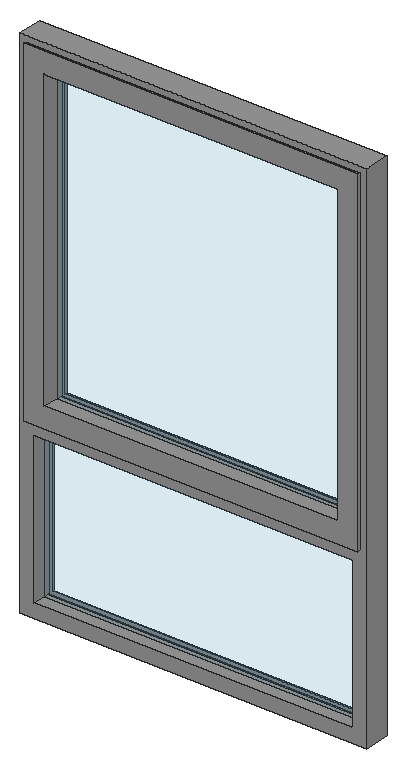
Revit family "Kawneer_Window_GT70s_Pos002", category Windows, host Wall, Revit 2020 (continued)
Definition of nested family "Kawneer_GT70s_Pos002"
  Definition of nested family "Kawneer_GT70s_Trans"
    Lines and regions (mm)
      model lines, in view "Ref. Level", detail levels fine
        curve 284: arc (18.794, 42.645, 0) -> (18.275, 42.114, 0) -> (17.566, 41.897, 0) r 1.5
        curve 285: arc (19.259, 43.45, 0) -> (19.625, 43.816, 0) -> (20.125, 43.95, 0) r 1
        curve 286: arc (78.5, 30, 0) -> (78.441, 29.859, 0) -> (78.3, 29.8, 0) r 0.2
        curve 287: arc (78.3, 42.2, 0) -> (78.441, 42.141, 0) -> (78.5, 42, 0) r 0.2
        curve 288: arc (76.8, 42.5, 0) -> (76.922, 42.458, 0) -> (76.994, 42.35, 0) r 0.2
        curve 289: arc (53.494, 42.35, 0) -> (53.565, 42.458, 0) -> (53.687, 42.5, 0) r 0.2
        curve 290: arc (53.494, 42.35, 0) -> (53.422, 42.242, 0) -> (53.3, 42.2, 0) r 0.2
        curve 291: arc (52, 42, 0) -> (52.059, 42.141, 0) -> (52.2, 42.2, 0) r 0.2
        curve 292: arc (52, 40.873, 0) -> (51.973, 40.773, 0) -> (51.9, 40.7, 0) r 0.2
        curve 293: arc (51.8, 40.527, 0) -> (51.827, 40.627, 0) -> (51.9, 40.7, 0) r 0.2
        curve 294: arc (51.9, 31.8, 0) -> (51.827, 31.873, 0) -> (51.8, 31.973, 0) r 0.2
        curve 295: arc (51.9, 31.8, 0) -> (51.973, 31.727, 0) -> (52, 31.627, 0) r 0.2
        curve 296: arc (52.2, 29.8, 0) -> (52.059, 29.859, 0) -> (52, 30, 0) r 0.2
        curve 297: arc (80, 8, 0) -> (79.414, 6.586, 0) -> (78, 6, 0) r 2
        curve 298: arc (76.5, 6, 0) -> (76.146, 6.146, 0) -> (76, 6.5, 0) r 0.5
        curve 299: arc (76, 7.9, 0) -> (76.146, 8.254, 0) -> (76.5, 8.4, 0) r 0.5
        curve 300: arc (76.8, 8.4, 0) -> (76.941, 8.341, 0) -> (77, 8.2, 0) r 0.2
        curve 301: arc (77.5, 7.2, 0) -> (77.146, 7.346, 0) -> (77, 7.7, 0) r 0.5
        curve 302: arc (78.6, 7.7, 0) -> (78.454, 7.346, 0) -> (78.1, 7.2, 0) r 0.5
        curve 303: arc (78.1, 12.3, 0) -> (78.454, 12.154, 0) -> (78.6, 11.8, 0) r 0.5
        curve 304: arc (77, 11.8, 0) -> (77.146, 12.154, 0) -> (77.5, 12.3, 0) r 0.5
        curve 305: arc (77, 11.5, 0) -> (76.941, 11.359, 0) -> (76.8, 11.3, 0) r 0.2
        curve 306: arc (76.5, 11.3, 0) -> (76.146, 11.446, 0) -> (76, 11.8, 0) r 0.5
        curve 307: arc (76, 12.6, 0) -> (76.146, 12.954, 0) -> (76.5, 13.1, 0) r 0.5
        curve 308: arc (78.2, 13.6, 0) -> (78.054, 13.246, 0) -> (77.7, 13.1, 0) r 0.5
        curve 309: arc (76.7, 28, 0) -> (77.761, 27.561, 0) -> (78.2, 26.5, 0) r 1.5
        curve 310: arc (74, 27.5, 0) -> (74.146, 27.854, 0) -> (74.5, 28, 0) r 0.5
        curve 311: arc (74, 24, 0) -> (73.854, 23.646, 0) -> (73.5, 23.5, 0) r 0.5
        curve 312: arc (70, 23.5, 0) -> (69.646, 23.646, 0) -> (69.5, 24, 0) r 0.5
        curve 313: arc (69.5, 24.5, 0) -> (69.646, 24.854, 0) -> (70, 25, 0) r 0.5
        curve 314: arc (72, 25.5, 0) -> (71.854, 25.146, 0) -> (71.5, 25, 0) r 0.5
        curve 315: arc (72, 27.207, 0) -> (72.039, 27.485, 0) -> (72.154, 27.74, 0) r 1
        curve 316: arc (71.74, 28.154, 0) -> (72.112, 28.112, 0) -> (72.154, 27.74, 0) r 0.3
        curve 317: arc (71.74, 28.154, 0) -> (71.485, 28.039, 0) -> (71.207, 28, 0) r 1
        curve 318: arc (52.793, 28, 0) -> (52.515, 28.039, 0) -> (52.26, 28.154, 0) r 1
        curve 319: arc (51.846, 27.74, 0) -> (51.888, 28.112, 0) -> (52.26, 28.154, 0) r 0.3
        curve 320: arc (51.846, 27.74, 0) -> (51.961, 27.485, 0) -> (52, 27.207, 0) r 1
        curve 321: arc (52.5, 25, 0) -> (52.146, 25.146, 0) -> (52, 25.5, 0) r 0.5
        curve 322: arc (54, 25, 0) -> (54.354, 24.854, 0) -> (54.5, 24.5, 0) r 0.5
        curve 323: arc (54.5, 24, 0) -> (54.354, 23.646, 0) -> (54, 23.5, 0) r 0.5
        curve 324: arc (50.5, 23.5, 0) -> (50.146, 23.646, 0) -> (50, 24, 0) r 0.5
        curve 325: arc (50, 29.654, 0) -> (50.027, 29.754, 0) -> (50.1, 29.827, 0) r 0.2
        curve 326: arc (50.2, 30, 0) -> (50.173, 29.9, 0) -> (50.1, 29.827, 0) r 0.2
        curve 327: arc (49.7, 31.3, 0) -> (50.054, 31.154, 0) -> (50.2, 30.8, 0) r 0.5
        curve 328: arc (47.333, 31.3, 0) -> (47.073, 31.45, 0) -> (47.073, 31.75, 0) r 0.3
        curve 329: arc (48.072, 33.48, 0) -> (48.334, 33.588, 0) -> (48.442, 33.327, 0) r 0.2
        curve 330: arc (50.2, 32.898, 0) -> (50.111, 32.732, 0) -> (49.923, 32.713, 0) r 0.2
        curve 331: arc (50, 36.7, 0) -> (50.141, 36.641, 0) -> (50.2, 36.5, 0) r 0.2
        curve 332: arc (48.098, 35.914, 0) -> (47.915, 35.684, 0) -> (47.7, 35.884, 0) r 0.2
        curve 333: arc (47.7, 36.261, 0) -> (47.762, 36.869, 0) -> (47.946, 37.452, 0) r 3
        curve 334: arc (47.946, 37.848, 0) -> (47.987, 37.65, 0) -> (47.946, 37.452, 0) r 0.5
        curve 335: arc (47.7, 39.416, 0) -> (47.919, 39.615, 0) -> (48.096, 39.379, 0) r 0.2
        curve 336: arc (50.2, 38.8, 0) -> (50.141, 38.659, 0) -> (50, 38.6, 0) r 0.2
        curve 337: arc (49.923, 42.587, 0) -> (50.092, 42.579, 0) -> (50.195, 42.446, 0) r 0.2
        curve 338: arc (48.442, 41.973, 0) -> (48.334, 41.712, 0) -> (48.072, 41.82, 0) r 0.2
        curve 339: arc (47.073, 43.55, 0) -> (47.073, 43.85, 0) -> (47.333, 44, 0) r 0.3
        curve 340: arc (62, 44.5, 0) -> (61.854, 44.146, 0) -> (61.5, 44, 0) r 0.5
        curve 341: arc (62, 47.8, 0) -> (62.293, 48.507, 0) -> (63, 48.8, 0) r 1
        curve 342: arc (64.161, 48.8, 0) -> (65.116, 48.526, 0) -> (65.78, 47.788, 0) r 1.8
        curve 343: arc (65.78, 47.788, 0) -> (65.77, 47.594, 0) -> (65.6, 47.5, 0) r 0.2
        curve 344: arc (63.7, 47, 0) -> (63.846, 47.354, 0) -> (64.2, 47.5, 0) r 0.5
        curve 345: arc (64.2, 44, 0) -> (63.846, 44.146, 0) -> (63.7, 44.5, 0) r 0.5
        curve 346: arc (78.2, 44.5, 0) -> (78.054, 44.146, 0) -> (77.7, 44, 0) r 0.5
        curve 347: arc (77.7, 47.5, 0) -> (78.054, 47.354, 0) -> (78.2, 47, 0) r 0.5
        curve 348: arc (76, 47.5, 0) -> (75.833, 47.589, 0) -> (75.816, 47.778, 0) r 0.2
        curve 349: arc (75.8, 47.739, 0) -> (76.536, 48.655, 0) -> (77.658, 49, 0) r 2
        curve 350: arc (79, 49, 0) -> (79.707, 48.707, 0) -> (80, 48, 0) r 1
        curve 351: arc (6.336, 41.988, 0) -> (6.271, 42.315, 0) -> (6.549, 42.5, 0) r 0.3
        curve 352: arc (7.312, 41.012, 0) -> (7.377, 40.685, 0) -> (7.1, 40.5, 0) r 0.3
        curve 353: arc (6.2, 40.3, 0) -> (6.259, 40.441, 0) -> (6.4, 40.5, 0) r 0.2
        curve 354: arc (6.4, 35.1, 0) -> (6.259, 35.159, 0) -> (6.2, 35.3, 0) r 0.2
        curve 355: arc (13.6, 35.3, 0) -> (13.541, 35.159, 0) -> (13.4, 35.1, 0) r 0.2
        curve 356: arc (13.4, 40.5, 0) -> (13.541, 40.441, 0) -> (13.6, 40.3, 0) r 0.2
        curve 357: arc (12.7, 40.5, 0) -> (12.423, 40.685, 0) -> (12.488, 41.012, 0) r 0.3
        curve 358: arc (13.251, 42.5, 0) -> (13.529, 42.315, 0) -> (13.464, 41.988, 0) r 0.3
        curve 359: arc (0, 63.5, 0) -> (0.146, 63.854, 0) -> (0.5, 64, 0) r 0.5
        curve 360: arc (3.5, 64, 0) -> (3.854, 63.854, 0) -> (4, 63.5, 0) r 0.5
        curve 361: arc (4, 62, 0) -> (3.854, 61.646, 0) -> (3.5, 61.5, 0) r 0.5
        curve 362: arc (3.2, 61.5, 0) -> (3.059, 61.559, 0) -> (3, 61.7, 0) r 0.2
        curve 363: arc (2.5, 62.8, 0) -> (2.854, 62.654, 0) -> (3, 62.3, 0) r 0.5
        curve 364: arc (1.4, 62.3, 0) -> (1.546, 62.654, 0) -> (1.9, 62.8, 0) r 0.5
        curve 365: arc (1.9, 57.2, 0) -> (1.546, 57.346, 0) -> (1.4, 57.7, 0) r 0.5
        curve 366: arc (3, 57.7, 0) -> (2.854, 57.346, 0) -> (2.5, 57.2, 0) r 0.5
        curve 367: arc (3, 58.3, 0) -> (3.059, 58.441, 0) -> (3.2, 58.5, 0) r 0.2
        curve 368: arc (3.5, 58.5, 0) -> (3.854, 58.354, 0) -> (4, 58, 0) r 0.5
        curve 369: arc (4, 54.9, 0) -> (3.6, 54.5, 0) -> (3.2, 54.9, 0) r 0.4
        curve 370: arc (3, 56, 0) -> (3.141, 55.941, 0) -> (3.2, 55.8, 0) r 0.2
        curve 371: arc (1.6, 55.5, 0) -> (1.746, 55.854, 0) -> (2.1, 56, 0) r 0.5
        curve 372: arc (2.289, 44, 0) -> (1.939, 44.143, 0) -> (1.789, 44.489, 0) r 0.5
        curve 373: arc (18.067, 44, 0) -> (18.327, 43.85, 0) -> (18.327, 43.55, 0) r 0.3
        curve 374: arc (17.328, 41.82, 0) -> (17.066, 41.712, 0) -> (16.958, 41.973, 0) r 0.2
        curve 375: arc (15.2, 42.402, 0) -> (15.289, 42.568, 0) -> (15.477, 42.587, 0) r 0.2
        curve 376: arc (15.4, 38.6, 0) -> (15.259, 38.659, 0) -> (15.2, 38.8, 0) r 0.2
        curve 377: arc (17.303, 39.384, 0) -> (17.484, 39.615, 0) -> (17.7, 39.416, 0) r 0.2
        curve 378: arc (17.7, 39.039, 0) -> (17.638, 38.431, 0) -> (17.454, 37.848, 0) r 3
        curve 379: arc (17.454, 37.452, 0) -> (17.413, 37.65, 0) -> (17.454, 37.848, 0) r 0.5
        curve 380: arc (17.454, 37.452, 0) -> (17.638, 36.869, 0) -> (17.7, 36.261, 0) r 3
        curve 381: arc (17.7, 35.884, 0) -> (17.482, 35.685, 0) -> (17.303, 35.919, 0) r 0.2
        curve 382: arc (15.2, 36.5, 0) -> (15.259, 36.641, 0) -> (15.4, 36.7, 0) r 0.2
        curve 383: arc (15.477, 32.713, 0) -> (15.289, 32.732, 0) -> (15.2, 32.898, 0) r 0.2
        curve 384: arc (16.958, 33.327, 0) -> (17.066, 33.588, 0) -> (17.328, 33.48, 0) r 0.2
        curve 385: arc (18.327, 31.75, 0) -> (18.327, 31.45, 0) -> (18.067, 31.3, 0) r 0.3
        curve 386: arc (14.572, 31.133, 0) -> (14.64, 31.253, 0) -> (14.769, 31.3, 0) r 0.2
        curve 387: arc (14.428, 30.267, 0) -> (14.36, 30.147, 0) -> (14.231, 30.1, 0) r 0.2
        curve 388: arc (13.6, 30.1, 0) -> (13.459, 30.159, 0) -> (13.4, 30.3, 0) r 0.2
        curve 389: arc (12.9, 33.6, 0) -> (13.254, 33.454, 0) -> (13.4, 33.1, 0) r 0.5
        curve 390: arc (6.2, 33.1, 0) -> (6.346, 33.454, 0) -> (6.7, 33.6, 0) r 0.5
        curve 391: arc (6.2, 31.7, 0) -> (6.054, 31.346, 0) -> (5.7, 31.2, 0) r 0.5
        curve 392: arc (5.2, 31.2, 0) -> (4.846, 31.346, 0) -> (4.7, 31.7, 0) r 0.5
        curve 393: arc (3.2, 42, 0) -> (4.261, 41.561, 0) -> (4.7, 40.5, 0) r 1.5
        curve 394: arc (1.402, 41.549, 0) -> (1.564, 41.87, 0) -> (1.9, 42, 0) r 0.5
        curve 395: arc (1.198, 39.451, 0) -> (1.036, 39.13, 0) -> (0.7, 39, 0) r 0.5
        curve 396: arc (0.5, 39, 0) -> (0.146, 39.146, 0) -> (0, 39.5, 0) r 0.5
        curve 397: arc (25.201, 30.55, 0) -> (25.315, 31.124, 0) -> (25.64, 31.611, 0) r 1.5
        curve 398: arc (26.701, 25.35, 0) -> (25.64, 25.789, 0) -> (25.201, 26.85, 0) r 1.5
        curve 399: arc (34.101, 26.35, 0) -> (33.808, 25.643, 0) -> (33.101, 25.35, 0) r 1
        curve 400: arc (33.689, 30.729, 0) -> (33.992, 30.374, 0) -> (34.101, 29.92, 0) r 1
        curve 401: arc (31.546, 32.05, 0) -> (31.855, 32.001, 0) -> (32.134, 31.859, 0) r 1
        curve 402: arc (25.64, 31.611, 0) -> (26.127, 31.936, 0) -> (26.701, 32.05, 0) r 1.5
        curve 403: arc (34.801, 30.326, 0) -> (34.877, 30.708, 0) -> (35.094, 31.033, 0) r 1
        curve 404: arc (35.801, 25.35, 0) -> (35.094, 25.643, 0) -> (34.801, 26.35, 0) r 1
        curve 405: arc (43.701, 26.85, 0) -> (43.262, 25.789, 0) -> (42.201, 25.35, 0) r 1.5
        curve 406: arc (42.201, 32.05, 0) -> (43.262, 31.611, 0) -> (43.701, 30.55, 0) r 1.5
        curve 407: arc (35.818, 31.757, 0) -> (36.143, 31.974, 0) -> (36.525, 32.05, 0) r 1
        curve 408: arc (23.201, 31.35, 0) -> (23.908, 31.057, 0) -> (24.201, 30.35, 0) r 1
        curve 409: arc (20.13, 31.35, 0) -> (19.63, 31.484, 0) -> (19.264, 31.85, 0) r 1
        curve 410: arc (17.571, 33.403, 0) -> (18.28, 33.186, 0) -> (18.799, 32.655, 0) r 1.5
        curve 411: arc (15.4, 32.9, 0) -> (15.259, 32.959, 0) -> (15.2, 33.1, 0) r 0.2
        curve 412: arc (15.2, 33.921, 0) -> (15.35, 34.18, 0) -> (15.65, 34.18, 0) r 0.3
        curve 413: arc (15.65, 35.22, 0) -> (16.552, 34.7, 0) -> (15.65, 34.18, 0) r 0.601
        curve 414: arc (15.65, 35.22, 0) -> (15.35, 35.22, 0) -> (15.2, 35.479, 0) r 0.3
        curve 415: arc (15.2, 36.5, 0) -> (15.259, 36.641, 0) -> (15.4, 36.7, 0) r 0.2
        curve 416: arc (17.671, 35.781, 0) -> (17.544, 35.798, 0) -> (17.426, 35.848, 0) r 0.5
        curve 417: arc (18.137, 35.781, 0) -> (19.162, 35.6, 0) -> (20.064, 35.08, 0) r 2.996
        curve 418: arc (23.575, 33.05, 0) -> (22.549, 33.231, 0) -> (21.647, 33.752, 0) r 3
        curve 419: arc (31.001, 33.55, 0) -> (30.855, 33.196, 0) -> (30.501, 33.05, 0) r 0.5
        curve 420: arc (31.001, 41.35, 0) -> (31.601, 41.95, 0) -> (32.201, 41.35, 0) r 0.6
        curve 421: arc (32.407, 32.897, 0) -> (32.256, 33.074, 0) -> (32.201, 33.301, 0) r 0.5
        curve 422: arc (35.14, 32.551, 0) -> (34.35, 31.976, 0) -> (33.395, 32.179, 0) r 1.2
        curve 423: arc (35.14, 32.551, 0) -> (35.507, 32.917, 0) -> (36.007, 33.05, 0) r 1
        curve 424: arc (43.753, 33.752, 0) -> (42.853, 33.232, 0) -> (41.828, 33.05, 0) r 3
        curve 425: arc (45.336, 35.08, 0) -> (46.238, 35.6, 0) -> (47.263, 35.781, 0) r 2.996
        curve 426: arc (47.974, 35.848, 0) -> (47.856, 35.798, 0) -> (47.729, 35.781, 0) r 0.5
        curve 427: arc (50, 36.7, 0) -> (50.141, 36.641, 0) -> (50.2, 36.5, 0) r 0.2
        curve 428: arc (50.2, 35.479, 0) -> (50.05, 35.22, 0) -> (49.75, 35.22, 0) r 0.3
        curve 429: arc (49.75, 34.18, 0) -> (48.827, 34.7, 0) -> (49.75, 35.22, 0) r 0.608
        curve 430: arc (49.75, 34.18, 0) -> (50.05, 34.18, 0) -> (50.2, 33.921, 0) r 0.3
        curve 431: arc (50.2, 33.1, 0) -> (50.141, 32.959, 0) -> (50, 32.9, 0) r 0.2
        curve 432: arc (46.601, 32.655, 0) -> (47.12, 33.186, 0) -> (47.829, 33.403, 0) r 1.5
        curve 433: arc (46.136, 31.85, 0) -> (45.814, 31.511, 0) -> (45.374, 31.355, 0) r 1
        curve 434: arc (44.701, 30.609, 0) -> (44.894, 31.112, 0) -> (45.374, 31.355, 0) r 0.75
        curve 435: arc (44.701, 25.85, 0) -> (44.262, 24.789, 0) -> (43.201, 24.35, 0) r 1.5
        curve 436: arc (24.701, 24.35, 0) -> (24.348, 24.496, 0) -> (24.201, 24.85, 0) r 0.5
        curve 437: arc (23.67, 10.961, 0) -> (23.778, 10.798, 0) -> (23.816, 10.607, 0) r 0.5
        curve 438: arc (23.816, 9.817, 0) -> (23.633, 9.43, 0) -> (23.216, 9.327, 0) r 0.5
        curve 439: arc (23.216, 9.327, 0) -> (22.642, 9.675, 0) -> (22.416, 10.307, 0) r 1
        curve 440: arc (22.416, 10.607, 0) -> (22.563, 10.961, 0) -> (22.916, 11.107, 0) r 0.5
        curve 441: arc (23.316, 11.107, 0) -> (23.508, 11.069, 0) -> (23.67, 10.961, 0) r 0.5
        curve 442: arc (21.254, 11.107, 0) -> (21.607, 10.961, 0) -> (21.754, 10.607, 0) r 0.5
        curve 443: arc (21.754, 10.307, 0) -> (21.607, 9.953, 0) -> (21.254, 9.807, 0) r 0.5
        curve 444: arc (20.854, 9.807, 0) -> (20.5, 9.953, 0) -> (20.354, 10.307, 0) r 0.5
        curve 445: arc (20.354, 10.607, 0) -> (20.5, 10.961, 0) -> (20.854, 11.107, 0) r 0.5
        curve 446: arc (24.781, 10.254, 0) -> (24.397, 11.041, 0) -> (25.08, 11.588, 0) r 0.7
        curve 447: arc (26.433, 11.838, 0) -> (26.398, 11.665, 0) -> (26.239, 11.588, 0) r 0.2
        curve 448: arc (25.791, 12.806, 0) -> (26.192, 12.375, 0) -> (26.433, 11.838, 0) r 1.8
        curve 449: arc (24.692, 13.181, 0) -> (25.273, 13.085, 0) -> (25.791, 12.806, 0) r 1.8
        curve 450: arc (23.147, 13.316, 0) -> (21.739, 14.086, 0) -> (21.35, 15.644, 0) r 2
        curve 451: arc (23.052, 25.63, 0) -> (23.202, 25.813, 0) -> (23.223, 25.578, 0) r 0.127
        curve 452: arc (23.23, 21.236, 0) -> (22.679, 21.245, 0) -> (22.47, 21.754, 0) r 0.5
        curve 453: arc (24.385, 23.344, 0) -> (24.078, 22.142, 0) -> (23.23, 21.236, 0) r 2.5
        curve 454: arc (22.54, 26.908, 0) -> (23.664, 27.333, 0) -> (24.385, 26.373, 0) r 1
        curve 455: arc (17.872, 17.573, 0) -> (19.791, 22.284, 0) -> (22.373, 26.667, 0) r 35
        curve 456: arc (16.218, 11.638, 0) -> (16.056, 11.72, 0) -> (16.028, 11.899, 0) r 0.2
        curve 457: arc (19.085, 11.638, 0) -> (19.785, 10.961, 0) -> (19.132, 10.239, 0) r 0.7
        curve 458: arc (20.06, 7.138, 0) -> (19.91, 7.178, 0) -> (19.801, 7.288, 0) r 0.3
        curve 459: arc (21.281, 7.943, 0) -> (21.683, 7.54, 0) -> (21.281, 7.138, 0) r 0.403
        curve 460: arc (21.075, 7.943, 0) -> (20.75, 8.268, 0) -> (21.075, 8.593, 0) r 0.325
        curve 461: arc (21.788, 8.593, 0) -> (22.074, 8.503, 0) -> (22.257, 8.265, 0) r 0.5
        curve 462: arc (23.666, 7.281, 0) -> (22.806, 7.551, 0) -> (22.257, 8.265, 0) r 1.5
        curve 463: arc (24.155, 7.425, 0) -> (24.045, 7.319, 0) -> (23.898, 7.281, 0) r 0.3
        curve 464: arc (77.629, 9.401, 0) -> (77.576, 9.266, 0) -> (77.446, 9.202, 0) r 0.2
        curve 465: arc (77.446, 10.273, 0) -> (77.576, 10.209, 0) -> (77.629, 10.074, 0) r 0.2
        curve 466: arc (75.929, 10.188, 0) -> (75.994, 10.335, 0) -> (76.146, 10.387, 0) r 0.2
        curve 467: arc (76.146, 9.088, 0) -> (75.994, 9.14, 0) -> (75.929, 9.288, 0) r 0.2
        curve 468: arc (73.575, 6.463, 0) -> (73.044, 6.715, 0) -> (72.829, 7.261, 0) r 0.8
        curve 469: arc (74.846, 6.476, 0) -> (74.211, 6.445, 0) -> (73.575, 6.463, 0) r 8.2
        curve 470: arc (75.029, 6.675, 0) -> (74.976, 6.54, 0) -> (74.846, 6.476, 0) r 0.2
        curve 471: arc (74.836, 10.906, 0) -> (74.948, 10.966, 0) -> (75.029, 10.868, 0) r 0.1
        curve 472: arc (74.825, 8.292, 0) -> (74.576, 9.6, 0) -> (74.836, 10.906, 0) r 3.48
        curve 473: arc (74.825, 8.292, 0) -> (74.651, 7.376, 0) -> (73.746, 7.149, 0) r 0.866
        curve 474: arc (73.746, 7.149, 0) -> (73.307, 7.409, 0) -> (73.012, 7.826, 0) r 1.222
        curve 475: arc (73.451, 11.888, 0) -> (73.934, 11.58, 0) -> (73.625, 11.097, 0) r 0.405
        curve 476: arc (72.838, 10.206, 0) -> (73.086, 10.78, 0) -> (73.625, 11.097, 0) r 1.009
        curve 477: arc (72.85, 9.678, 0) -> (72.828, 9.941, 0) -> (72.838, 10.206, 0) r 2.275
        curve 478: arc (72.983, 9.167, 0) -> (72.902, 9.419, 0) -> (72.85, 9.678, 0) r 2.275
        curve 479: arc (73.88, 7.899, 0) -> (73.354, 8.479, 0) -> (72.983, 9.167, 0) r 3.222
        curve 480: arc (74.086, 8.045, 0) -> (74.039, 7.892, 0) -> (73.88, 7.899, 0) r 0.13
        curve 481: arc (74.086, 8.045, 0) -> (73.971, 10.787, 0) -> (75.553, 13.03, 0) r 4.258
        curve 482: arc (75.553, 13.03, 0) -> (75.865, 13.055, 0) -> (76.029, 12.788, 0) r 0.3
        curve 483: arc (76.229, 11.188, 0) -> (76.087, 11.246, 0) -> (76.029, 11.388, 0) r 0.2
        curve 484: arc (77.406, 11.622, 0) -> (77.568, 11.784, 0) -> (77.776, 11.688, 0) r 0.2
        curve 485: arc (77.776, 7.788, 0) -> (77.568, 7.691, 0) -> (77.406, 7.853, 0) r 0.2
        curve 486: arc (76.029, 8.088, 0) -> (76.087, 8.229, 0) -> (76.229, 8.288, 0) r 0.2
        curve 487: arc (76.029, 6.088, 0) -> (75.959, 5.895, 0) -> (75.783, 5.792, 0) r 0.3
        curve 488: arc (75.783, 5.792, 0) -> (74.652, 5.658, 0) -> (73.514, 5.665, 0) r 9.161
        curve 489: arc (73.514, 5.665, 0) -> (72.454, 6.169, 0) -> (72.023, 7.261, 0) r 1.6
        curve 490: arc (72.023, 10.131, 0) -> (72.431, 11.259, 0) -> (73.451, 11.888, 0) r 1.819
        curve 491: arc (4.088, 22.598, 0) -> (4.023, 22.45, 0) -> (3.871, 22.398, 0) r 0.2
        curve 492: arc (3.871, 23.597, 0) -> (4.023, 23.545, 0) -> (4.088, 23.398, 0) r 0.2
        curve 493: arc (2.388, 23.284, 0) -> (2.441, 23.419, 0) -> (2.571, 23.483, 0) r 0.2
        curve 494: arc (2.076, 24.684, 0) -> (2.518, 24.837, 0) -> (2.857, 24.514, 0) r 0.45
        curve 495: arc (3.988, 24.698, 0) -> (3.9, 24.485, 0) -> (3.688, 24.398, 0) r 0.3
        curve 496: arc (3.664, 27.396, 0) -> (3.892, 27.317, 0) -> (3.988, 27.097, 0) r 0.3
        curve 497: arc (-0.012, 27.397, 0) -> (0.236, 28.224, 0) -> (0.898, 28.777, 0) r 1.5
        curve 498: arc (2.612, 30.745, 0) -> (1.98, 29.565, 0) -> (0.898, 28.777, 0) r 3
        curve 499: arc (3.671, 34.628, 0) -> (4.243, 34.988, 0) -> (4.652, 34.451, 0) r 0.5
        curve 500: arc (4.638, 28.89, 0) -> (4.302, 29.069, 0) -> (4.19, 29.433, 0) r 0.5
        curve 501: arc (4.638, 28.89, 0) -> (5.601, 28.404, 0) -> (5.988, 27.397, 0) r 1.5
        curve 502: arc (5.988, 20.398, 0) -> (5.549, 19.337, 0) -> (4.488, 18.898, 0) r 1.5
        curve 503: arc (3.688, 21.598, 0) -> (3.9, 21.51, 0) -> (3.988, 21.298, 0) r 0.3
        curve 504: arc (79.5, 64, 0) -> (79.854, 63.854, 0) -> (80, 63.5, 0) r 0.5
        curve 505: arc (40.1, 63.5, 0) -> (40.246, 63.854, 0) -> (40.6, 64, 0) r 0.5
        curve 506: arc (40.6, 61.7, 0) -> (40.246, 61.846, 0) -> (40.1, 62.2, 0) r 0.5
        curve 507: arc (41.6, 62.2, 0) -> (41.454, 61.846, 0) -> (41.1, 61.7, 0) r 0.5
        curve 508: arc (41.6, 62.3, 0) -> (41.746, 62.654, 0) -> (42.1, 62.8, 0) r 0.5
        curve 509: arc (65.3, 62.8, 0) -> (65.654, 62.654, 0) -> (65.8, 62.3, 0) r 0.5
        curve 510: arc (65.8, 46.85, 0) -> (65.677, 46.665, 0) -> (65.459, 46.709, 0) r 0.2
        curve 511: arc (64.2, 47.25, 0) -> (64.259, 47.391, 0) -> (64.4, 47.45, 0) r 0.2
        curve 512: arc (64.267, 46.534, 0) -> (64.217, 46.655, 0) -> (64.2, 46.784, 0) r 0.5
        curve 513: arc (66.9, 45.356, 0) -> (66.228, 44.481, 0) -> (65.208, 44.903, 0) r 0.906
        curve 514: arc (66.9, 61.744, 0) -> (67.199, 62.458, 0) -> (67.918, 62.744, 0) r 1
        curve 515: arc (77.08, 62.576, 0) -> (78.089, 62.11, 0) -> (78.5, 61.078, 0) r 1.5
        curve 516: arc (78.5, 52.933, 0) -> (78.433, 52.683, 0) -> (78.25, 52.5, 0) r 0.5
        curve 517: arc (74.6, 49.238, 0) -> (74.868, 50.238, 0) -> (75.6, 50.97, 0) r 2
        curve 518: arc (75.454, 46.205, 0) -> (74.909, 46.097, 0) -> (74.6, 46.559, 0) r 0.5
        curve 519: arc (76.012, 47.188, 0) -> (76.1, 46.976, 0) -> (76.012, 46.764, 0) r 0.3
        curve 520: arc (75.917, 47.283, 0) -> (75.83, 47.413, 0) -> (75.8, 47.566, 0) r 0.4
        curve 521: arc (75.8, 49.123, 0) -> (75.934, 49.623, 0) -> (76.3, 49.989, 0) r 1
        curve 522: arc (78.05, 50.999, 0) -> (78.55, 50.999, 0) -> (78.8, 50.566, 0) r 0.5
        curve 523: arc (79, 49.2, 0) -> (78.859, 49.259, 0) -> (78.8, 49.4, 0) r 0.2
        curve 524: arc (80, 49.7, 0) -> (79.854, 49.346, 0) -> (79.5, 49.2, 0) r 0.5
        curve 525: arc (3.135, 61.397, 0) -> (2.971, 61.441, 0) -> (2.9, 61.594, 0) r 0.2
        curve 526: arc (2.585, 61.914, 0) -> (2.792, 61.928, 0) -> (2.9, 61.75, 0) r 0.2
        curve 527: arc (1.9, 61.33, 0) -> (1.923, 61.422, 0) -> (1.985, 61.494, 0) r 0.2
        curve 528: arc (2, 60.592, 0) -> (1.927, 60.665, 0) -> (1.9, 60.765, 0) r 0.2
        curve 529: arc (2.726, 60.173, 0) -> (2.826, 60, 0) -> (2.726, 59.827, 0) r 0.2
        curve 530: arc (1.9, 59.235, 0) -> (1.927, 59.335, 0) -> (2, 59.408, 0) r 0.2
        curve 531: arc (1.985, 58.506, 0) -> (1.923, 58.578, 0) -> (1.9, 58.67, 0) r 0.2
        curve 532: arc (2.9, 58.25, 0) -> (2.793, 58.073, 0) -> (2.585, 58.086, 0) r 0.2
        curve 533: arc (2.9, 58.406, 0) -> (2.971, 58.559, 0) -> (3.135, 58.603, 0) r 0.2
        curve 534: arc (4.183, 56.211, 0) -> (4.053, 56.275, 0) -> (4, 56.41, 0) r 0.2
        curve 535: arc (7, 56.034, 0) -> (6.935, 55.886, 0) -> (6.783, 55.835, 0) r 0.2
        curve 536: arc (6.852, 57.94, 0) -> (6.959, 57.868, 0) -> (7, 57.747, 0) r 0.2
        curve 537: arc (6.248, 58.101, 0) -> (6.141, 58.173, 0) -> (6.1, 58.295, 0) r 0.2
        curve 538: arc (6.1, 61.706, 0) -> (6.142, 61.827, 0) -> (6.248, 61.899, 0) r 0.2
        curve 539: arc (7, 62.253, 0) -> (6.959, 62.132, 0) -> (6.852, 62.06, 0) r 0.2
        curve 540: arc (6.783, 64.165, 0) -> (6.935, 64.114, 0) -> (7, 63.966, 0) r 0.2
        curve 541: arc (4, 63.59, 0) -> (4.053, 63.725, 0) -> (4.183, 63.789, 0) r 0.2
        curve 542: arc (68.012, -9.764, 0) -> (68.1, -9.976, 0) -> (68.012, -10.188, 0) r 0.3
        curve 543: arc (66.6, -9.559, 0) -> (66.909, -9.097, 0) -> (67.454, -9.205, 0) r 0.5
        curve 544: arc (67.6, -13.97, 0) -> (66.868, -13.238, 0) -> (66.6, -12.238, 0) r 2
        curve 545: arc (70.25, -15.5, 0) -> (70.433, -15.683, 0) -> (70.5, -15.933, 0) r 0.5
        curve 546: arc (70.5, -24.078, 0) -> (70.089, -25.11, 0) -> (69.08, -25.576, 0) r 1.5
        curve 547: arc (59.918, -25.744, 0) -> (59.199, -25.458, 0) -> (58.9, -24.744, 0) r 1
        curve 548: arc (57.208, -7.903, 0) -> (58.228, -7.481, 0) -> (58.9, -8.356, 0) r 0.906
        curve 549: arc (56.2, -9.784, 0) -> (56.217, -9.655, 0) -> (56.267, -9.534, 0) r 0.5
        curve 550: arc (56.4, -10.45, 0) -> (56.259, -10.391, 0) -> (56.2, -10.25, 0) r 0.2
        curve 551: arc (57.459, -9.709, 0) -> (57.677, -9.665, 0) -> (57.8, -9.85, 0) r 0.2
        curve 552: arc (57.8, -25.3, 0) -> (57.654, -25.654, 0) -> (57.3, -25.8, 0) r 0.5
        curve 553: arc (43.1, -25.8, 0) -> (42.746, -25.654, 0) -> (42.6, -25.3, 0) r 0.5
        curve 554: arc (42.1, -24.7, 0) -> (42.454, -24.846, 0) -> (42.6, -25.2, 0) r 0.5
        curve 555: arc (41.1, -25.2, 0) -> (41.246, -24.846, 0) -> (41.6, -24.7, 0) r 0.5
        curve 556: arc (41.6, -27, 0) -> (41.246, -26.854, 0) -> (41.1, -26.5, 0) r 0.5
        curve 557: arc (72, -26.5, 0) -> (71.854, -26.854, 0) -> (71.5, -27, 0) r 0.5
        curve 558: arc (71.5, -12.2, 0) -> (71.854, -12.346, 0) -> (72, -12.7, 0) r 0.5
        curve 559: arc (70.8, -12.4, 0) -> (70.859, -12.259, 0) -> (71, -12.2, 0) r 0.2
        curve 560: arc (70.8, -13.566, 0) -> (70.55, -13.999, 0) -> (70.05, -13.999, 0) r 0.5
        curve 561: arc (68.3, -12.989, 0) -> (67.934, -12.623, 0) -> (67.8, -12.123, 0) r 1
        curve 562: arc (67.8, -10.566, 0) -> (67.83, -10.413, 0) -> (67.917, -10.283, 0) r 0.4
        curve 563: arc (2.9, -24.594, 0) -> (2.971, -24.441, 0) -> (3.135, -24.397, 0) r 0.2
        curve 564: arc (2.9, -24.75, 0) -> (2.792, -24.928, 0) -> (2.585, -24.914, 0) r 0.2
        curve 565: arc (1.985, -24.494, 0) -> (1.923, -24.422, 0) -> (1.9, -24.33, 0) r 0.2
        curve 566: arc (1.9, -23.765, 0) -> (1.927, -23.665, 0) -> (2, -23.592, 0) r 0.2
        curve 567: arc (2.726, -22.827, 0) -> (2.826, -23, 0) -> (2.726, -23.173, 0) r 0.2
        curve 568: arc (2, -22.408, 0) -> (1.927, -22.335, 0) -> (1.9, -22.235, 0) r 0.2
        curve 569: arc (1.9, -21.67, 0) -> (1.923, -21.578, 0) -> (1.985, -21.506, 0) r 0.2
        curve 570: arc (2.585, -21.086, 0) -> (2.793, -21.073, 0) -> (2.9, -21.25, 0) r 0.2
        curve 571: arc (3.135, -21.603, 0) -> (2.971, -21.559, 0) -> (2.9, -21.406, 0) r 0.2
        curve 572: arc (4, -19.41, 0) -> (4.053, -19.275, 0) -> (4.183, -19.211, 0) r 0.2
        curve 573: arc (6.783, -18.835, 0) -> (6.935, -18.886, 0) -> (7, -19.034, 0) r 0.2
        curve 574: arc (7, -20.747, 0) -> (6.959, -20.868, 0) -> (6.852, -20.94, 0) r 0.2
        curve 575: arc (6.1, -21.295, 0) -> (6.141, -21.173, 0) -> (6.248, -21.101, 0) r 0.2
        curve 576: arc (6.248, -24.899, 0) -> (6.142, -24.827, 0) -> (6.1, -24.706, 0) r 0.2
        curve 577: arc (6.852, -25.06, 0) -> (6.959, -25.132, 0) -> (7, -25.253, 0) r 0.2
        curve 578: arc (7, -26.966, 0) -> (6.935, -27.114, 0) -> (6.783, -27.165, 0) r 0.2
        curve 579: arc (4.183, -26.789, 0) -> (4.053, -26.725, 0) -> (4, -26.59, 0) r 0.2
        curve 580: line (30.701, 33.478, 0) -> (30.701, 41.35, 0)
        curve 581: line (32.501, 41.35, 0) -> (32.501, 33.478, 0)
        curve 582: line (34.7, 41.416, 0) -> (34.7, 33.75, 0)
        curve 583: line (32.9, 33.75, 0) -> (32.9, 41.416, 0)
        curve 584: line (20.831, 44.498, 0) -> (20.831, 48.498, 0)
        curve 585: line (20.831, 48.498, 0) -> (20.831, 52.498, 0)
        curve 586: line (20.831, 52.498, 0) -> (22.831, 52.498, 0)
        curve 587: line (22.831, 52.498, 0) -> (22.831, 48.498, 0)
        curve 588: line (22.831, 48.498, 0) -> (22.831, 44.498, 0)
        curve 589: line (4.331, 44, 0) -> (4.331, 52.498, 0)
        curve 590: line (4.331, 52.498, 0) -> (9.331, 52.498, 0)
        curve 591: line (9.331, 52.498, 0) -> (9.331, 48.498, 0)
        curve 592: line (9.331, 48.498, 0) -> (9.331, 44.498, 0)
        curve 593: line (8.831, 43.998, 0) -> (2.277, 43.998, 0)
        curve 594: line (2.277, 43.998, 0) -> (2.277, 47.998, 0)
        curve 595: line (2.277, 47.998, 0) -> (4.331, 47.998, 0)
        curve 596: line (20.331, 48.998, 0) -> (9.831, 48.998, 0)
        curve 597: line (22.331, 43.998, 0) -> (21.331, 43.998, 0)
        curve 598: line (9.331, 51.498, 0) -> (20.831, 51.498, 0)
        curve 599: line (22.831, 51.498, 0) -> (57.831, 51.498, 0)
        curve 600: line (23.331, 48.998, 0) -> (57.331, 48.998, 0)
        curve 601: line (59.831, 46.998, 0) -> (59.831, 52.498, 0)
        curve 602: line (59.831, 52.498, 0) -> (57.831, 52.498, 0)
        curve 603: line (57.831, 52.498, 0) -> (57.831, 48.498, 0)
        curve 604: line (57.831, 48.498, 0) -> (57.831, 44.498, 0)
        curve 605: line (61.831, 46.498, 0) -> (60.331, 46.498, 0)
        curve 606: line (58.331, 43.998, 0) -> (61.831, 43.998, 0)
        curve 607: line (62.331, 44.498, 0) -> (62.331, 45.998, 0)
        curve 608: line (5.331, 52.498, 0) -> (5.331, 54.998, 0)
        curve 609: line (56.831, 54.998, 0) -> (56.831, 51.498, 0)
        curve 610: line (56.831, 51.498, 0) -> (5.331, 54.998, 0)
        curve 611: line (5.331, 54.998, 0) -> (56.831, 54.998, 0)
        curve 612: line (56.831, 54.998, 0) -> (9.331, 52.178, 0)
        curve 613: line (36.061, 61.861, 0) -> (36.342, 61.658, 0)
        curve 614: line (36.433, 59.391, 0) -> (35.686, 58.751, 0)
        curve 615: line (35.686, 58.751, 0) -> (37.339, 56.986, 0)
        curve 616: line (34.995, 57.288, 0) -> (34.995, 55.5, 0)
        curve 617: line (36.788, 65.083, 0) -> (35.053, 63.332, 0)
        curve 618: line (35.053, 63.332, 0) -> (39.88, 58.758, 0)
        curve 619: line (39.88, 58.758, 0) -> (40.634, 60.663, 0)
        curve 620: line (40.508, 60.918, 0) -> (40.175, 60.973, 0)
        curve 621: line (39.995, 61.17, 0) -> (39.995, 63.332, 0)
        curve 622: line (40.952, 64.127, 0) -> (42.323, 64, 0)
        curve 623: line (36.788, 64.027, 0) -> (36.788, 65.785, 0)
        curve 624: line (34.995, 67.375, 0) -> (34.995, 63.846, 0)
        curve 625: line (41.06, -21.736, 0) -> (40.992, -22.46, 0)
        curve 626: line (41.066, -22.679, 0) -> (41.644, -23.217, 0)
        curve 627: line (41.588, -23.611, 0) -> (41.133, -23.856, 0)
        curve 628: line (41.133, -23.856, 0) -> (35.002, -18.417, 0)
        curve 629: line (38.827, -26.229, 0) -> (40.972, -24.116, 0)
        curve 630: line (40.972, -24.116, 0) -> (40.972, -26.894, 0)
        curve 631: line (41.321, -27.193, 0) -> (43.758, -26.994, 0)
        curve 632: line (34.972, -30.517, 0) -> (34.972, -28.064, 0)
        curve 633: line (1.4, -3.5, 0) -> (1.4, 0, 0)
        curve 634: line (1.4, 0, 0) -> (1.4, 3.5, 0)
        curve 635: line (1.8, 3.9, 0) -> (1.8, 5, 0)
        curve 636: line (2, 5.2, 0) -> (3.1, 5.2, 0)
        curve 637: line (3.5, 5.6, 0) -> (14.8, 5.6, 0)
        curve 638: line (15.2, 5.2, 0) -> (16.3, 5.2, 0)
        curve 639: line (16.5, 5, 0) -> (16.5, 3.9, 0)
        curve 640: line (16.9, 3.5, 0) -> (16.9, 0, 0)
        curve 641: line (16.9, 0, 0) -> (16.9, -3.5, 0)
        curve 642: line (16.5, -3.9, 0) -> (16.5, -5, 0)
        curve 643: line (16.3, -5.2, 0) -> (15.287, -5.2, 0)
        curve 644: line (14.887, -5.6, 0) -> (3.413, -5.6, 0)
        curve 645: line (3.013, -5.2, 0) -> (2, -5.2, 0)
        curve 646: line (1.8, -5, 0) -> (1.8, -3.9, 0)
        curve 647: line (0, 26.5, 0) -> (0, -26.5, 0)
        curve 648: line (0.5, -27, 0) -> (3.5, -27, 0)
        curve 649: line (2.361, -23.384, 0) -> (3.5, -24.5, 0)
        curve 650: line (3.5, -24.5, 0) -> (3.2, -24.5, 0)
        curve 651: line (3.2, -24.5, 0) -> (4, -24.55, 0)
        curve 652: line (4, -24.55, 0) -> (4, -26.5, 0)
        curve 653: line (4, -26.5, 0) -> (4, -25, 0)
        curve 654: line (4, -25, 0) -> (6.033, -27.057, 0)
        curve 655: line (3, -24.7, 0) -> (3, -25.3, 0)
        curve 656: line (2.5, -25.8, 0) -> (1.9, -25.8, 0)
        curve 657: line (1.4, -25.3, 0) -> (1.4, -20.7, 0)
        curve 658: line (1.9, -20.2, 0) -> (2.5, -20.2, 0)
        curve 659: line (3, -20.7, 0) -> (3, -21.3, 0)
        curve 660: line (4, -19.41, 0) -> (4, -21.45, 0)
        curve 661: line (4, -21.45, 0) -> (3.2, -21.5, 0)
        curve 662: line (3.2, -21.5, 0) -> (3.5, -21.5, 0)
        curve 663: line (3.5, -21.5, 0) -> (2.361, -22.616, 0)
        curve 664: line (6.033, -18.943, 0) -> (4, -21, 0)
        curve 665: line (4, -21, 0) -> (4, -17.9, 0)
        curve 666: line (3.2, -17.9, 0) -> (3.2, -18.8, 0)
        curve 667: line (3, -19, 0) -> (2.1, -19, 0)
        curve 668: line (1.6, -18.5, 0) -> (1.6, -16, 0)
        curve 669: line (1.6, -16, 0) -> (1.789, -7.489, 0)
        curve 670: line (2.289, -7, 0) -> (15.8, -7, 0)
        curve 671: line (16.3, -7.5, 0) -> (16.3, -10.3, 0)
        curve 672: line (16.1, -10.5, 0) -> (14.9, -10.5, 0)
        curve 673: line (15.5, -11.5, 0) -> (18.7, -11.5, 0)
        curve 674: line (18.7, -10.5, 0) -> (18.1, -10.5, 0)
        curve 675: line (17.8, -10.2, 0) -> (17.8, -7.7, 0)
        curve 676: line (18.5, -7, 0) -> (21.367, -7, 0)
        curve 677: line (21.627, -6.55, 0) -> (21.264, -5.921, 0)
        curve 678: line (21.264, -5.921, 0) -> (20.628, -4.82, 0)
        curve 679: line (20.628, -4.82, 0) -> (19.581, -5.4, 0)
        curve 680: line (19.581, -5.4, 0) -> (18.7, -5.4, 0)
        curve 681: line (20.258, -4.973, 0) -> (18.777, -5.587, 0)
        curve 682: line (18.5, -5.402, 0) -> (18.5, -1.8, 0)
        curve 683: line (18.5, -1.8, 0) -> (18.5, -2.821, 0)
        curve 684: line (20.726, -2.452, 0) -> (19.25, -1.6, 0)
        curve 685: line (19.25, -1.6, 0) -> (18.7, -1.6, 0)
        curve 686: line (18.7, -1.6, 0) -> (19.24, -1.6, 0)
        curve 687: line (19.24, -1.6, 0) -> (20.602, -2.386, 0)
        curve 688: line (21.437, -2.519, 0) -> (21, -2.416, 0)
        curve 689: line (21, -2.416, 0) -> (21, -2.039, 0)
        curve 690: line (21, 2.039, 0) -> (21, 2.416, 0)
        curve 691: line (21, 2.416, 0) -> (21.437, 2.519, 0)
        curve 692: line (18.7, 1.6, 0) -> (19.25, 1.6, 0)
        curve 693: line (19.25, 1.6, 0) -> (20.602, 2.386, 0)
        curve 694: line (20.602, 2.386, 0) -> (19.24, 1.6, 0)
        curve 695: line (19.24, 1.6, 0) -> (18.7, 1.6, 0)
        curve 696: line (18.5, 2.821, 0) -> (18.5, 1.8, 0)
        curve 697: line (18.5, 1.8, 0) -> (18.5, 5.402, 0)
        curve 698: line (18.777, 5.587, 0) -> (20.258, 4.973, 0)
        curve 699: line (17.8, 7.7, 0) -> (17.8, 10.2, 0)
        curve 700: line (18.1, 10.5, 0) -> (18.7, 10.5, 0)
        curve 701: line (16.654, 13.824, 0) -> (18.7, 11.5, 0)
        curve 702: line (18.7, 11.5, 0) -> (15.5, 11.5, 0)
        curve 703: line (14.9, 10.5, 0) -> (16.1, 10.5, 0)
        curve 704: line (16.3, 10.3, 0) -> (16.3, 7.5, 0)
        curve 705: line (15.8, 7, 0) -> (2.289, 7, 0)
        curve 706: line (1.789, 7.489, 0) -> (1.6, 16, 0)
        curve 707: line (1.6, 16, 0) -> (1.6, 18.5, 0)
        curve 708: line (2.1, 19, 0) -> (3, 19, 0)
        curve 709: line (3.2, 18.8, 0) -> (3.2, 17.9, 0)
        curve 710: line (4, 17.9, 0) -> (4, 21, 0)
        curve 711: line (4, 21, 0) -> (5.988, 23.14, 0)
        curve 712: line (3.5, 21.5, 0) -> (3.2, 21.5, 0)
        curve 713: line (3, 21.3, 0) -> (3, 20.7, 0)
        curve 714: line (2.5, 20.2, 0) -> (1.9, 20.2, 0)
        curve 715: line (1.4, 20.7, 0) -> (1.4, 25.3, 0)
        curve 716: line (1.9, 25.8, 0) -> (2.5, 25.8, 0)
        curve 717: line (3, 25.3, 0) -> (3, 24.7, 0)
        curve 718: line (3.2, 24.5, 0) -> (3.5, 24.5, 0)
        curve 719: line (4, 25, 0) -> (4, 26.5, 0)
        curve 720: line (4, 26.5, 0) -> (5.988, 24.39, 0)
        curve 721: line (3.5, 27, 0) -> (0.5, 27, 0)
        curve 722: line (70.6, 3.5, 0) -> (70.6, 0, 0)
        curve 723: line (70.6, 0, 0) -> (70.6, -3.5, 0)
        curve 724: line (70.2, -3.9, 0) -> (70.2, -5, 0)
        curve 725: line (70, -5.2, 0) -> (68.987, -5.2, 0)
        curve 726: line (68.587, -5.6, 0) -> (62.694, -5.6, 0)
        curve 727: line (62.694, -5.6, 0) -> (56.8, -5.6, 0)
        curve 728: line (56.4, -5.2, 0) -> (55.5, -5.2, 0)
        curve 729: line (55.3, -5, 0) -> (55.3, -4.273, 0)
        curve 730: line (55.1, -3.927, 0) -> (55.1, 0, 0)
        curve 731: line (55.1, 0, 0) -> (55.1, 3.927, 0)
        curve 732: line (55.3, 4.273, 0) -> (55.3, 5, 0)
        curve 733: line (55.5, 5.2, 0) -> (56.4, 5.2, 0)
        curve 734: line (56.8, 5.6, 0) -> (62.694, 5.6, 0)
        curve 735: line (62.694, 5.6, 0) -> (68.587, 5.6, 0)
        curve 736: line (68.987, 5.2, 0) -> (70, 5.2, 0)
        curve 737: line (70.2, 5, 0) -> (70.2, 3.9, 0)
        curve 738: line (72, -11.5, 0) -> (72, 11.5, 0)
        curve 739: line (71.5, 12, 0) -> (69.658, 12, 0)
        curve 740: line (68, 10.5, 0) -> (69.7, 10.5, 0)
        curve 741: line (70.2, 10, 0) -> (70.2, 7.5, 0)
        curve 742: line (69.7, 7, 0) -> (56.2, 7, 0)
        curve 743: line (55.7, 7.5, 0) -> (55.7, 10, 0)
        curve 744: line (56.2, 10.5, 0) -> (57.6, 10.5, 0)
        curve 745: line (56.161, 11.8, 0) -> (53.4, 11.8, 0)
        curve 746: line (52.6, 10.5, 0) -> (53.8, 10.5, 0)
        curve 747: line (54, 10.3, 0) -> (54, 7.7, 0)
        curve 748: line (53.3, 7, 0) -> (50.633, 7, 0)
        curve 749: line (50.373, 6.55, 0) -> (50.736, 5.921, 0)
        curve 750: line (50.736, 5.921, 0) -> (51.372, 4.82, 0)
        curve 751: line (51.372, 4.82, 0) -> (52.419, 5.4, 0)
        curve 752: line (52.419, 5.4, 0) -> (53.3, 5.4, 0)
        curve 753: line (51.742, 4.973, 0) -> (53.223, 5.587, 0)
        curve 754: line (53.5, 5.402, 0) -> (53.5, 1.8, 0)
        curve 755: line (53.5, 1.8, 0) -> (53.5, 2.821, 0)
        curve 756: line (51.274, 2.452, 0) -> (52.75, 1.6, 0)
        curve 757: line (52.75, 1.6, 0) -> (53.3, 1.6, 0)
        curve 758: line (53.3, 1.6, 0) -> (52.76, 1.6, 0)
        curve 759: line (52.76, 1.6, 0) -> (51.398, 2.386, 0)
        curve 760: line (50.563, 2.519, 0) -> (51, 2.416, 0)
        curve 761: line (51, 2.416, 0) -> (51, 2.039, 0)
        curve 762: line (51, -2.039, 0) -> (51, -2.416, 0)
        curve 763: line (51, -2.416, 0) -> (50.563, -2.519, 0)
        curve 764: line (53.3, -1.6, 0) -> (52.75, -1.6, 0)
        curve 765: line (52.75, -1.6, 0) -> (51.398, -2.386, 0)
        curve 766: line (51.398, -2.386, 0) -> (52.76, -1.6, 0)
        curve 767: line (52.76, -1.6, 0) -> (53.3, -1.6, 0)
        curve 768: line (53.5, -2.821, 0) -> (53.5, -1.8, 0)
        curve 769: line (53.5, -1.8, 0) -> (53.5, -5.402, 0)
        curve 770: line (53.223, -5.587, 0) -> (51.742, -4.973, 0)
        curve 771: line (50.633, -7, 0) -> (53.3, -7, 0)
        curve 772: line (54, -7.7, 0) -> (54, -10.3, 0)
        curve 773: line (53.8, -10.5, 0) -> (52.6, -10.5, 0)
        curve 774: line (53.4, -11.8, 0) -> (56.161, -11.8, 0)
        curve 775: line (57.6, -10.5, 0) -> (56.2, -10.5, 0)
        curve 776: line (55.7, -10, 0) -> (55.7, -7.5, 0)
        curve 777: line (56.2, -7, 0) -> (69.7, -7, 0)
        curve 778: line (70.2, -7.5, 0) -> (70.2, -10, 0)
        curve 779: line (69.7, -10.5, 0) -> (68, -10.5, 0)
        curve 780: line (69.658, -12, 0) -> (71.5, -12, 0)
        curve 781: line (36.5, -3.85, 0) -> (36.5, 5.05, 0)
        curve 782: line (25.015, 4.605, 0) -> (23.365, 3.221, 0)
        curve 783: line (18.5, 4.379, 0) -> (18.5, 5.2, 0)
        curve 784: line (18.7, 5.4, 0) -> (19.581, 5.4, 0)
        curve 785: line (19.581, 5.4, 0) -> (20.742, 4.919, 0)
        curve 786: line (20.742, 4.919, 0) -> (21.264, 5.921, 0)
        curve 787: line (21.264, 5.921, 0) -> (21.627, 6.55, 0)
        curve 788: line (22.099, 5.645, 0) -> (22.564, 6.45, 0)
        curve 789: line (23.43, 6.95, 0) -> (25.5, 6.95, 0)
        curve 790: line (26, 7.45, 0) -> (26, 10.15, 0)
        curve 791: line (25.7, 10.45, 0) -> (25.1, 10.45, 0)
        curve 792: line (26.239, 11.588, 0) -> (25.1, 11.45, 0)
        curve 793: line (25.1, 11.45, 0) -> (28.1, 11.45, 0)
        curve 794: line (28.1, 10.45, 0) -> (27.5, 10.45, 0)
        curve 795: line (27.2, 10.15, 0) -> (27.2, 7.45, 0)
        curve 796: line (27.7, 6.95, 0) -> (48.57, 6.95, 0)
        curve 797: line (49.436, 6.45, 0) -> (49.901, 5.645, 0)
        curve 798: line (53.5, 5.2, 0) -> (53.5, 4.379, 0)
        curve 799: line (48.636, 3.22, 0) -> (46.986, 4.605, 0)
        curve 800: line (37.7, 5.036, 0) -> (37.7, -3.85, 0)
        curve 801: line (35.5, 3.85, 0) -> (35.5, -5.05, 0)
        curve 802: line (46.986, -4.605, 0) -> (48.636, -3.22, 0)
        curve 803: line (53.5, -4.379, 0) -> (53.5, -5.2, 0)
        curve 804: line (53.3, -5.4, 0) -> (52.419, -5.4, 0)
        curve 805: line (52.419, -5.4, 0) -> (51.258, -4.919, 0)
        curve 806: line (51.258, -4.919, 0) -> (50.736, -5.921, 0)
        curve 807: line (50.736, -5.921, 0) -> (50.373, -6.55, 0)
        curve 808: line (49.901, -5.645, 0) -> (49.436, -6.45, 0)
        curve 809: line (48.57, -6.95, 0) -> (27.7, -6.95, 0)
        curve 810: line (27.2, -7.45, 0) -> (27.2, -10.15, 0)
        curve 811: line (27.5, -10.45, 0) -> (28.1, -10.45, 0)
        curve 812: line (28.1, -11.45, 0) -> (25.1, -11.45, 0)
        curve 813: line (25.1, -10.45, 0) -> (25.7, -10.45, 0)
        curve 814: line (26, -10.15, 0) -> (26, -7.45, 0)
        curve 815: line (25.5, -6.95, 0) -> (23.43, -6.95, 0)
        curve 816: line (22.564, -6.45, 0) -> (22.099, -5.645, 0)
        curve 817: line (18.5, -5.2, 0) -> (18.5, -4.379, 0)
        curve 818: line (23.365, -3.221, 0) -> (25.015, -4.605, 0)
        curve 819: line (34.3, -5.036, 0) -> (34.3, 3.85, 0)
        curve 820: line (20.125, 43.95, 0) -> (45.265, 43.95, 0)
        curve 821: line (46.131, 43.45, 0) -> (46.596, 42.645, 0)
        curve 822: line (47.073, 43.55, 0) -> (47.953, 41.919, 0)
        curve 823: line (47.953, 41.919, 0) -> (49.114, 42.4, 0)
        curve 824: line (49.114, 42.4, 0) -> (49.995, 42.4, 0)
        curve 825: line (50.195, 42.2, 0) -> (50.195, 41.379, 0)
        curve 826: line (50.195, 39.821, 0) -> (50.195, 38.8, 0)
        curve 827: line (50.195, 38.8, 0) -> (50.195, 42.446, 0)
        curve 828: line (49.995, 38.6, 0) -> (49.445, 38.6, 0)
        curve 829: line (49.445, 38.6, 0) -> (47.969, 39.452, 0)
        curve 830: line (47.969, 39.452, 0) -> (49.46, 38.6, 0)
        curve 831: line (49.46, 38.6, 0) -> (49.995, 38.6, 0)
        curve 832: line (45.33, 40.221, 0) -> (43.68, 41.605, 0)
        curve 833: line (34.395, 42.036, 0) -> (34.395, 33.75, 0)
        curve 834: line (33.195, 33.75, 0) -> (33.195, 42.05, 0)
        curve 835: line (21.709, 41.605, 0) -> (20.059, 40.22, 0)
        curve 836: line (18.133, 39.519, 0) -> (17.671, 39.519, 0)
        curve 837: line (17.671, 39.519, 0) -> (17.7, 39.039, 0)
        curve 838: line (17.421, 39.452, 0) -> (15.945, 38.6, 0)
        curve 839: line (15.945, 38.6, 0) -> (15.395, 38.6, 0)
        curve 840: line (15.395, 38.6, 0) -> (15.94, 38.6, 0)
        curve 841: line (15.94, 38.6, 0) -> (17.302, 39.386, 0)
        curve 842: line (15.2, 42.402, 0) -> (15.2, 38.8, 0)
        curve 843: line (15.2, 38.8, 0) -> (15.195, 39.821, 0)
        curve 844: line (15.195, 41.379, 0) -> (15.195, 42.2, 0)
        curve 845: line (15.395, 42.4, 0) -> (16.276, 42.4, 0)
        curve 846: line (16.276, 42.4, 0) -> (17.437, 41.919, 0)
        curve 847: line (17.437, 41.919, 0) -> (18.327, 43.55, 0)
        curve 848: line (18.794, 42.645, 0) -> (19.259, 43.45, 0)
        curve 849: line (52.2, 29.8, 0) -> (78.3, 29.8, 0)
        curve 850: line (78.5, 30, 0) -> (78.5, 42, 0)
        curve 851: line (78.3, 42.2, 0) -> (77.187, 42.2, 0)
        curve 852: line (77.187, 42.2, 0) -> (76.994, 42.35, 0)
        curve 853: line (76.8, 42.5, 0) -> (53.687, 42.5, 0)
        curve 854: line (53.3, 42.2, 0) -> (52.2, 42.2, 0)
        curve 855: line (52, 42, 0) -> (52, 40.873, 0)
        curve 856: line (51.8, 40.527, 0) -> (51.8, 31.973, 0)
        curve 857: line (52, 31.627, 0) -> (52, 30, 0)
        curve 858: line (80, 48, 0) -> (80, 8, 0)
        curve 859: line (78, 6, 0) -> (76.5, 6, 0)
        curve 860: line (76, 6.5, 0) -> (76, 7.9, 0)
        curve 861: line (76.5, 8.4, 0) -> (76.8, 8.4, 0)
        curve 862: line (78.529, 9.886, 0) -> (77, 8.2, 0)
        curve 863: line (77, 8.2, 0) -> (77, 7.7, 0)
        curve 864: line (77.5, 7.2, 0) -> (78.1, 7.2, 0)
        curve 865: line (78.6, 7.7, 0) -> (78.6, 11.8, 0)
        curve 866: line (78.1, 12.3, 0) -> (77.5, 12.3, 0)
        curve 867: line (77, 11.8, 0) -> (77, 11.5, 0)
        curve 868: line (76.8, 11.3, 0) -> (76.5, 11.3, 0)
        curve 869: line (76, 11.8, 0) -> (76, 12.6, 0)
        curve 870: line (76.5, 13.1, 0) -> (77.7, 13.1, 0)
        curve 871: line (78.2, 13.6, 0) -> (78.2, 26.5, 0)
        curve 872: line (76.7, 28, 0) -> (74.5, 28, 0)
        curve 873: line (74, 27.5, 0) -> (74, 24, 0)
        curve 874: line (73.5, 23.5, 0) -> (70, 23.5, 0)
        curve 875: line (69.5, 24, 0) -> (69.5, 24.5, 0)
        curve 876: line (70, 25, 0) -> (71.5, 25, 0)
        curve 877: line (72, 25.5, 0) -> (72, 27.207, 0)
        curve 878: line (71.207, 28, 0) -> (52.793, 28, 0)
        curve 879: line (52, 27.207, 0) -> (52, 25.5, 0)
        curve 880: line (52.5, 25, 0) -> (54, 25, 0)
        curve 881: line (54.5, 24.5, 0) -> (54.5, 24, 0)
        curve 882: line (54, 23.5, 0) -> (50.5, 23.5, 0)
        curve 883: line (50, 24, 0) -> (50, 29.654, 0)
        curve 884: line (50.2, 30, 0) -> (50.2, 30.8, 0)
        curve 885: line (49.7, 31.3, 0) -> (47.333, 31.3, 0)
        curve 886: line (48.442, 33.327, 0) -> (49.923, 32.713, 0)
        curve 887: line (50.2, 32.898, 0) -> (50.2, 36.5, 0)
        curve 888: line (50.2, 36.5, 0) -> (50.2, 35.479, 0)
        curve 889: line (50, 36.7, 0) -> (49.46, 36.7, 0)
        curve 890: line (49.46, 36.7, 0) -> (48.098, 35.914, 0)
        curve 891: line (48.098, 35.914, 0) -> (49.45, 36.7, 0)
        curve 892: line (49.45, 36.7, 0) -> (50, 36.7, 0)
        curve 893: line (47.263, 35.781, 0) -> (47.7, 35.884, 0)
        curve 894: line (47.7, 35.884, 0) -> (47.7, 36.261, 0)
        curve 895: line (47.946, 37.848, 0) -> (47.7, 39.039, 0)
        curve 896: line (47.7, 39.039, 0) -> (47.7, 39.416, 0)
        curve 897: line (47.7, 39.416, 0) -> (47.258, 39.519, 0)
        curve 898: line (49.923, 42.587, 0) -> (48.442, 41.973, 0)
        curve 899: line (47.333, 44, 0) -> (61.5, 44, 0)
        curve 900: line (62, 44.5, 0) -> (62, 47.8, 0)
        curve 901: line (63, 48.8, 0) -> (64.161, 48.8, 0)
        curve 902: line (65.6, 47.5, 0) -> (64.2, 47.5, 0)
        curve 903: line (63.7, 47, 0) -> (63.7, 44.5, 0)
        curve 904: line (64.2, 44, 0) -> (77.7, 44, 0)
        curve 905: line (78.2, 44.5, 0) -> (78.2, 47, 0)
        curve 906: line (77.7, 47.5, 0) -> (76, 47.5, 0)
        curve 907: line (77.658, 49, 0) -> (79, 49, 0)
        curve 908: line (13.251, 42.5, 0) -> (6.549, 42.5, 0)
        curve 909: line (6.336, 41.988, 0) -> (7.312, 41.012, 0)
        curve 910: line (7.1, 40.5, 0) -> (6.4, 40.5, 0)
        curve 911: line (6.2, 40.3, 0) -> (6.2, 35.3, 0)
        curve 912: line (6.4, 35.1, 0) -> (13.4, 35.1, 0)
        curve 913: line (13.6, 35.3, 0) -> (13.6, 40.3, 0)
        curve 914: line (13.4, 40.5, 0) -> (12.7, 40.5, 0)
        curve 915: line (12.488, 41.012, 0) -> (13.464, 41.988, 0)
        curve 916: line (0, 39.5, 0) -> (0, 63.5, 0)
        curve 917: line (0.5, 64, 0) -> (3.5, 64, 0)
        curve 918: line (2.361, 60.384, 0) -> (3.5, 61.5, 0)
        curve 919: line (3.5, 61.5, 0) -> (3.2, 61.5, 0)
        curve 920: line (3.2, 61.5, 0) -> (4, 61.55, 0)
        curve 921: line (4, 61.55, 0) -> (4, 63.5, 0)
        curve 922: line (4, 63.5, 0) -> (4, 62, 0)
        curve 923: line (4, 62, 0) -> (6.033, 64.057, 0)
        curve 924: line (3, 61.7, 0) -> (3, 62.3, 0)
        curve 925: line (2.5, 62.8, 0) -> (1.9, 62.8, 0)
        curve 926: line (1.4, 62.3, 0) -> (1.4, 57.7, 0)
        curve 927: line (1.9, 57.2, 0) -> (2.5, 57.2, 0)
        curve 928: line (3, 57.7, 0) -> (3, 58.3, 0)
        curve 929: line (4, 56.41, 0) -> (4, 58.45, 0)
        curve 930: line (4, 58.45, 0) -> (3.2, 58.5, 0)
        curve 931: line (3.2, 58.5, 0) -> (3.5, 58.5, 0)
        curve 932: line (3.5, 58.5, 0) -> (2.361, 59.616, 0)
        curve 933: line (6.033, 55.943, 0) -> (4, 58, 0)
        curve 934: line (4, 58, 0) -> (4, 54.9, 0)
        curve 935: line (3.2, 54.9, 0) -> (3.2, 55.8, 0)
        curve 936: line (3, 56, 0) -> (2.1, 56, 0)
        curve 937: line (1.6, 55.5, 0) -> (1.6, 53, 0)
        curve 938: line (1.6, 53, 0) -> (1.789, 44.489, 0)
        curve 939: line (2.289, 44, 0) -> (18.067, 44, 0)
        curve 940: line (16.958, 41.973, 0) -> (15.477, 42.587, 0)
        curve 941: line (17.7, 36.261, 0) -> (17.7, 35.884, 0)
        curve 942: line (17.7, 35.884, 0) -> (18.137, 35.781, 0)
        curve 943: line (17.302, 35.914, 0) -> (15.94, 36.7, 0)
        curve 944: line (15.94, 36.7, 0) -> (15.4, 36.7, 0)
        curve 945: line (15.4, 36.7, 0) -> (15.95, 36.7, 0)
        curve 946: line (15.95, 36.7, 0) -> (17.426, 35.848, 0)
        curve 947: line (15.2, 35.479, 0) -> (15.2, 36.5, 0)
        curve 948: line (15.2, 36.5, 0) -> (15.2, 32.898, 0)
        curve 949: line (15.477, 32.713, 0) -> (16.958, 33.327, 0)
        curve 950: line (15.4, 32.9, 0) -> (16.281, 32.9, 0)
        curve 951: line (16.281, 32.9, 0) -> (17.328, 33.48, 0)
        curve 952: line (17.328, 33.48, 0) -> (18.327, 31.75, 0)
        curve 953: line (18.067, 31.3, 0) -> (14.769, 31.3, 0)
        curve 954: line (14.572, 31.133, 0) -> (14.428, 30.267, 0)
        curve 955: line (14.231, 30.1, 0) -> (13.6, 30.1, 0)
        curve 956: line (13.4, 30.3, 0) -> (13.4, 33.1, 0)
        curve 957: line (12.9, 33.6, 0) -> (6.7, 33.6, 0)
        curve 958: line (6.2, 33.1, 0) -> (6.2, 31.7, 0)
        curve 959: line (5.7, 31.2, 0) -> (5.2, 31.2, 0)
        curve 960: line (4.7, 31.7, 0) -> (4.7, 40.5, 0)
        curve 961: line (3.2, 42, 0) -> (1.9, 42, 0)
        curve 962: line (1.402, 41.549, 0) -> (1.198, 39.451, 0)
        curve 963: line (0.7, 39, 0) -> (0.5, 39, 0)
        curve 964: line (25.201, 30.55, 0) -> (25.201, 26.85, 0)
        curve 965: line (26.701, 25.35, 0) -> (33.101, 25.35, 0)
        curve 966: line (34.101, 26.35, 0) -> (34.101, 29.92, 0)
        curve 967: line (33.689, 30.729, 0) -> (32.134, 31.859, 0)
        curve 968: line (31.546, 32.05, 0) -> (26.701, 32.05, 0)
        curve 969: line (35.818, 31.757, 0) -> (35.094, 31.033, 0)
        curve 970: line (34.801, 30.326, 0) -> (34.801, 26.35, 0)
        curve 971: line (35.801, 25.35, 0) -> (42.201, 25.35, 0)
        curve 972: line (43.701, 26.85, 0) -> (43.701, 30.55, 0)
        curve 973: line (42.201, 32.05, 0) -> (36.525, 32.05, 0)
        curve 974: line (24.201, 24.85, 0) -> (24.201, 30.35, 0)
        curve 975: line (23.201, 31.35, 0) -> (20.13, 31.35, 0)
        curve 976: line (19.264, 31.85, 0) -> (18.799, 32.655, 0)
        curve 977: line (15.2, 33.1, 0) -> (15.2, 33.921, 0)
        curve 978: line (20.064, 35.08, 0) -> (21.647, 33.752, 0)
        curve 979: line (23.575, 33.05, 0) -> (30.501, 33.05, 0)
        curve 980: line (31.001, 33.55, 0) -> (31.001, 41.35, 0)
        curve 981: line (32.201, 41.35, 0) -> (32.201, 33.301, 0)
        curve 982: line (32.407, 32.897, 0) -> (33.395, 32.179, 0)
        curve 983: line (36.007, 33.05, 0) -> (41.828, 33.05, 0)
        curve 984: line (43.753, 33.752, 0) -> (45.336, 35.08, 0)
